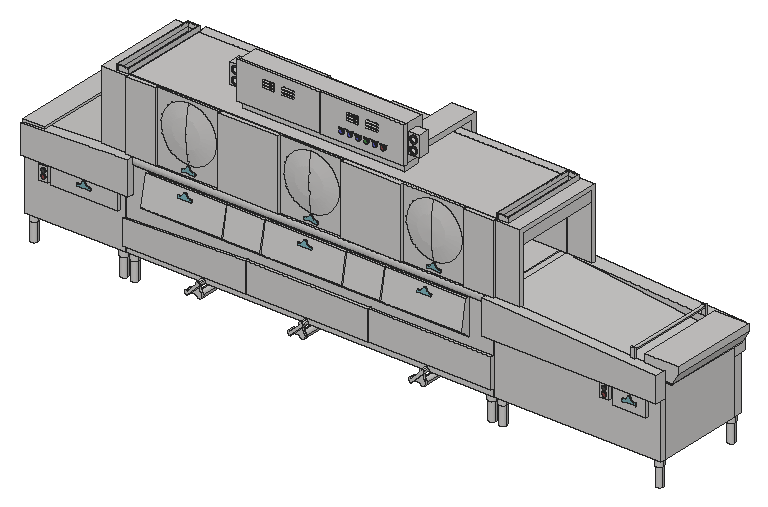
Revit family
Parameters (values of type "480/60/3")
  Weight in Pounds = 0
  Waste Water Discharge Temperature [instance] = -459.67 °F
  Volts = 480 V
  Ventilation Remarks [instance] = ""
  Unload Ventilation Remarks [instance] = ""
  Unload Section Width [instance] = if(Custom Unload Width > 5' 0", Custom Unload Width, 5' 0")  # 5' - 0"
  Unload Removable Cover [instance] = yes
  Unload Exhaust Volume = 1000 CFM
  Unload Exhaust Vent Width = 0' - 4"
  Unload Exhaust Vent Depth = 2' - 7 1/4"
  Unload Exhaust Static Press [instance] = 0.00 in-wg
  Unload Exhaust RI Height [instance] = 0' - 0"
  Unload Exhaust Item Number [instance] = "-"
  Unload End Drain [instance] = no
  URL Cutsheet = ""
  URL = "www.stero.com"
  Swing Doors [instance] = no
  Steam Supply Volume [instance] = 0.00 GPM
  Steam Supply Size = 2"
  Steam Supply RI Height [instance] = 0' - 0"
  Steam Supply Minimum Pressure = 15.00 psi
  Steam Supply Maximum Pressure = 40.00 psi
  Steam Supply Connection Height = 0' - 6"
  Steam Pounds per Hour [instance] = if(Booster Heater, 320, 170)  # 170
  Status [instance] = ""
  Standard Doors [instance] = not(Swing Doors)  # yes
  Specification by User [instance] = ""
  Specification by Manufacturer [instance] = ""
  Serial Number [instance] = ""
  Seismic Rating [instance] = ""
  Revision Code [instance] = ""
  Power Wash Width = 3' - 8"
  Power Wash Door [instance] = if(Swing Doors, 3' 0", 1' 10 1/2")  # 1' - 10 1/2"
  Power Scrapper Width = 3' - 8"
  Power Scrapper Door [instance] = if(Swing Doors, 3' 0", 1' 10 1/2")  # 1' - 10 1/2"
  Power Rinse Door [instance] = if(Swing Doors, 3' 0", 1' 10 1/2")  # 1' - 10 1/2"
  Plumbing Remarks [instance] = ""
  Plumbing Connection Type [instance] = ""
  Phase = 3
  ONOFF Switch [instance] = if([30 inch Load], 0' 0", 0' 6")  # 0' - 6"
  Number of Poles [instance] = 3
  No Booster Heater [instance] = not(Booster Heater)  # yes
  NAFEM Spec ID Number [instance] = ""
  Model = "STPCW-ER 132S"
  Mechanical Remarks [instance] = ""
  Mechanical Connection Type [instance] = ""
  Masterspec [instance] = ""
  Manufacturer = "Stero"
  Load Section Width [instance] = if([30 inch Load], 2' 6 1/8", if([36 inch Load], 3' 0 1/8", if([48 inch Load], 4' 0 1/8", (Custom Load Width + 0' 0 1/8"))))  # 3' - 0 1/8"
  Load End Drain [instance] = not(Unload End Drain)  # yes
  Item Number [instance] = "-"
  Installed By [instance] = ""
  Indirect Waste Size = 2"
  Indirect Waste Flow [instance] = 0.00 GPM
  Indirect Waste Connection Type [instance] = ""
  Indirect Waste Connection Height = 0' - 7"
  Hot Water Temperature = 140 °F
  Hot Water Size = 1"
  Hot Water RI Height [instance] = 0' - 0"
  Hot Water Minimum Pressure = 20.00 psi
  Hot Water Maximum Pressure = 20.00 psi
  Hot Water Flow [instance] = 0.00 GPM
  Hot Water Consumption = 1.63 GPM
  Hot Water Connection Height = 0' - 6"
  HP = "9"
  Furnished By [instance] = ""
  Foodservice Equipment Identifier [instance] = yes
  Final Rinse Width = 3' - 8"
  FL Amps = 17.1 A
  Exhaust Volume = 500 CFM
  Exhaust Vent Width = 0' - 4"
  Exhaust Vent Depth = 2' - 7 1/4"
  Exhaust Static Press [instance] = 0.00 in-wg
  Exhaust RI Height [instance] = 0' - 0"
  Electrical Remarks [instance] = ""
  Electric Connection Type [instance] = ""
  Elec Conn RI Height [instance] = 0' - 0"
  Elec Conn Connection Height = 6' - 6"
  Description = "Flight Type Dishwasher"
  Depth = 3' - 6"
  Cycle = 60 Hz
  Custom Unload Width [instance] = 5' - 0"
  Custom Load Width [instance] = 4' - 6"
  Conn Conduit = yes
  Condensate Return Size = 3/4"
  Condensate Return RI Height [instance] = 0' - 0"
  Condensate Return Connection Height = 0' - 6"
  Cold Water Temperature Recommended [instance] = -459.67 °F
  Cold Water Size [instance] = if(Cold Water Aqua Stat, 0' 0 3/4", 0' 0")  # 0"
  Cold Water RI Height [instance] = 0' - 0"
  Cold Water Minimum Pressure [instance] = 0.00 psi
  Cold Water Maximum Pressure [instance] = 0.00 psi
  Cold Water Flow [instance] = 0.00 GPM
  Cold Water Consumption [instance] = ""
  Cold Water Connection Height [instance] = if(Cold Water Aqua Stat, 0' 6", 0' 0")  # 0' - 0"
  Cold Water Aqua Stat [instance] = no
  CSI MasterFormat = "11 48 13"
  Booster Heater [instance] = no
  Boosted Plumbing Remarks [instance] = ""
  Boosted Hot Water Temperature = 180 °F
  Boosted Hot Water Size = 3/4"
  Boosted Hot Water RI Height [instance] = 0' - 0"
  Boosted Hot Water Minimum Pressure = 20.00 psi
  Boosted Hot Water Maximum Pressure = 20.00 psi
  Boosted Hot Water Flow [instance] = 0.00 GPM
  Boosted Hot Water Consumption = 1.63 GPM
  Boosted Hot Water Connection Height = 0' - 6"
  Boosted HW Item Number [instance] = "-"
  Assembly Code = "E1090320"
  Apparent Power = if(Phase = 3, Volts * FL Amps * 1.73, Volts * FL Amps)  # 14199.8 VA
  48 inch Load [instance] = no
  36 inch Load [instance] = yes
  30 inch Load [instance] = no
Reference planes (in)
  plane 1 "BACK": y = 0
  plane 2: z = 0
  plane 3 "LEFT": x = -21.27862
  plane 4 "RIGHT": x = 110.72138
  plane 5 "FRONT": y = -42
  plane 6 "Right of Power Scrapper": x = 22.72138
  plane 7 "Right of Power Wash": x = 66.72138
  plane 8 "Load Vent": x = -30.27862
  plane 9 "Unload Vent": x = 119.72138
  plane 10 "Top of Machine": z = 65.5
  plane 11 "Table Height": z = 34
  plane 12 "Bottom of Machine": z = 9
  plane 13 "Middle of Machine": z = 40.625
  plane 14 "Left of Bottom": x = -18.77862
  plane 15 "Right of Bottom": x = 108.22138
  plane 16: z = 38.125
  plane 17: z = 37.75
  plane 18: z = 24.5
  plane 19: z = 22.25
  plane 20: z = 11.5
  plane 21 "Back of Main Body": y = -3
  plane 22 "Front of Main Body": y = -39
  plane 23: x = 0.72138
  plane 24: x = 44.72138
  plane 25: x = 88.72138
  plane 26: x = 33.47138
  plane 27: x = 55.97138
  plane 28: x = 77.47138
  plane 29: x = 99.97138
  plane 30 "Front of Inside": y = -37.25
  plane 31 "Back of Inside": y = -6
  plane 32: x = 23.22138
  plane 33: x = 45.72138
  plane 34: x = -13.27862
  plane 35: x = 15.72138
  plane 36: x = 29.72138
  plane 37: x = 58.72138
  plane 38: x = 15.97138
  plane 39: x = 29.47138
  plane 40: x = 58.97138
  plane 41: x = 22.59638
  plane 42: x = 22.84638
  plane 43: x = 66.59638
  plane 44: x = 66.84638
  plane 45: z = 60.25
  plane 46: z = 67.25
  plane 47: x = -21.40362
  plane 48: x = -25.40362
  plane 49: x = 114.84638
  plane 50: x = 110.84638
  plane 51: x = -57.40362
  plane 52: x = -59.90362
  plane 53: x = -58.40362
  plane 54: x = -49.40362
  plane 55: z = 28.5
  plane 56: z = 28
  plane 57: z = 22
  plane 58: x = -47.40362
  plane 59: x = -23.40362
  plane 60: x = -48.40362
  plane 61: x = -51.40362
  plane 62: x = 170.72138
  plane 63: x = 171.72138
  plane 64: x = 173.22138
  plane 65: x = 175.72138
  plane 66: x = 163.72138
  plane 67: x = 159.72138
  plane 68: x = 166.22138
  plane 69: x = 154.22138
  plane 70: x = 152.72138
  plane 71: x = 149.72138
  plane 72: y = -32.5
  plane 73: y = -26.5
  plane 74: x = 15.72138
  plane 75: x = 73.72138
  plane 76: z = 68.5
  plane 77: z = 71.375
  plane 78: z = 78.625
  plane 79: z = 81.5
  plane 80: x = 44.72138
  plane 81: x = 44.59638
  plane 82: x = 44.84638
  plane 83: x = 14.72138
  plane 84: x = 74.72138
  plane 85: x = 78.72138
  plane 86: x = 10.72138
  plane 87 "Back of Elec Box": y = -26
  plane 88: y = -33
  plane 89 "Front of Panel": y = -34
  plane 90: z = 68.25
  plane 91: z = 81.25
  plane 92: x = 14.97138
  plane 93 "Right of Control Box": x = 74.47138
  plane 94 "Front of LR Panels": y = -32.25
  plane 95: y = -28.25
  plane 96 "Drain": z = 7
  plane 97 "Left Drain": x = -39.90362
  plane 98 "Right Drain": x = 163.72138
  plane 99 "Drain CL": y = -20.25
  plane 100 "Utilities": z = 6
  plane 101 "Cold Water": x = -31.27862
  plane 102 "Utility to Machine": y = -16.75
  plane 103 "Utilities Point of Connection": y = -8.5
  plane 104 "Building Hot Water": x = 146.72138
  plane 105: x = 33.72138
  plane 106: x = 44.65888
  plane 107: x = 44.78388
  plane 108: x = 55.72138
  plane 109: x = 46.15888
  plane 110: x = 43.28388
  plane 111: x = 77.72138
  plane 112: x = 88.65888
  plane 113: x = 88.78388
  plane 114: x = 99.72138
  plane 115: x = 90.15888
  plane 116: x = 87.28388
  plane 117 "Standard Door Clearance": z = 93.5
  plane 118: x = 134.72138
  plane 119: x = -10.52862
  plane 120: x = 11.97138
  plane 121: x = -10.27862
  plane 122: x = 0.65888
  plane 123: x = 0.78388
  plane 124: x = 11.72138
  plane 125: x = 2.15888
  plane 126: x = -0.71612
  plane 127: x = 15.97138
  plane 128: x = 72.72138
  plane 129: x = 101.72138
  plane 130: x = 72.47138
  plane 131: x = 140.72138
Forms (in)
  Extrusion 1, solid, material "QF_Finishes_Stainless Steel"
    sketch origin (0, -39, 0) x (1, 0, 0) y (0, 0, 1)
      loop
        line (-21.27862, 9) -> (110.72138, 9) -> (110.72138, 28.5) -> (108.22138, 28.5) -> (108.22138, 38.125) -> (-18.77862, 38.125) -> (-18.77862, 28.5) -> (-21.27862, 28.5) -> (-21.27862, 9)
    from 0 to -36
  Extrusion 2, solid, material "QF_Finishes_Stainless Steel"
    sketch origin (-18.77862, 0, 0) x (0, 1, 0) y (0, 0, 1)
      loop
        line (-3, 40.625) -> (-39, 40.625)
        arc (-39, 40.625) -> (-39.43875, 39.375) -> (-39, 38.125) r 2
        line (-39, 38.125) -> (-3, 38.125) -> (-3, 40.625)
    from 0 to 127
  Extrusion 3, solid, material "QF_Finishes_Stainless Steel"
    sketch origin (0, 0, 65.5) x (0, 1, 0) y (-1, 0, 0)
      loop
        line (-37.25, 21.27862) -> (-39, 21.27862) -> (-39, 10.52862) -> (-37.25, 10.52862) -> (-37.25, 21.27862)
    from 0 to -24.875
  Extrusion 4, solid, material "QF_Finishes_Stainless Steel"
    sketch origin (0, 0, 65.5) x (0, 1, 0) y (-1, 0, 0)
      loop
        line (-37.25, -11.97138) -> (-39, -11.97138) -> (-39, -33.47138) -> (-37.25, -33.47138) -> (-37.25, -11.97138)
    from 0 to -24.875
  Extrusion 5, solid, material "QF_Finishes_Stainless Steel"
    sketch origin (0, 0, 65.5) x (0, 1, 0) y (-1, 0, 0)
      loop
        line (-37.25, -55.97138) -> (-39, -55.97138) -> (-39, -77.47138) -> (-37.25, -77.47138) -> (-37.25, -55.97138)
    from 0 to -24.875
  Extrusion 6, solid, material "QF_Finishes_Stainless Steel"
    sketch origin (0, 0, 65.5) x (0, 1, 0) y (-1, 0, 0)
      loop
        line (-37.25, -99.97138) -> (-39, -99.97138) -> (-39, -110.72138) -> (-37.25, -110.72138) -> (-37.25, -99.97138)
    from 0 to -24.875
  Extrusion 7, solid, material "QF_Finishes_Stainless Steel"
    sketch origin (0, 0, 65.5) x (0, 1, 0) y (-1, 0, 0)
      loop
        line (-3, 21.27862) -> (-6, 21.27862) -> (-6, -23.22138) -> (-3, -23.22138) -> (-3, 21.27862)
    from 0 to -24.875
  Extrusion 8, solid, material "QF_Finishes_Stainless Steel"
    sketch origin (0, 0, 65.5) x (0, 1, 0) y (-1, 0, 0)
      loop
        line (-3, -45.72138) -> (-6, -45.72138) -> (-6, -110.72138) -> (-3, -110.72138) -> (-3, -45.72138)
    from 0 to -24.875
  Extrusion 9, solid, material "QF_Finishes_Stainless Steel"
    sketch origin (0, 0, 65.5) x (0, 1, 0) y (-1, 0, 0)
      loop
        line (-37.25, -33.47138) -> (-38.25, -33.47138) -> (-38.25, -55.97138) -> (-37.25, -55.97138) -> (-37.25, -33.47138)
    from 0 to -24.875
  Extrusion 10, solid, material "QF_Finishes_Stainless Steel"
    sketch origin (0, 0, 65.5) x (0, 1, 0) y (-1, 0, 0)
      loop
        line (-37.25, -77.47138) -> (-38.25, -77.47138) -> (-38.25, -99.97138) -> (-37.25, -99.97138) -> (-37.25, -77.47138)
    from 0 to -24.875
  Extrusion 11, solid, material "QF_Finishes_Stainless Steel"
    sketch origin (0, 0, 65.5) x (0, 1, 0) y (-1, 0, 0)
      loop
        line (-4, -23.22138) -> (-6, -23.22138) -> (-6, -45.72138) -> (-4, -45.72138) -> (-4, -23.22138)
    from 0 to -24.875
  Revolve 12, solid, material "QF_Finishes_Stainless Steel", visible <- "Standard Doors"
    sketch origin (44.72138, 87.64484, 48) x (0, 1, 0) y (0, 0, 1)
      loop
        line (-125.89484, 6.49826) -> (-125.89484, 16.49826)
        arc (-125.89484, 16.49826) -> (-126.65727, 11.52451) -> (-126.89484, 6.49826) r 48
        line (-126.89484, 6.49826) -> (-125.89484, 6.49826)
      axis (-125.89484, 6.49826) -> (-126.89484, 6.49826)
    angle from 0 to 360
  Revolve 13, solid, material "QF_Finishes_Stainless Steel", visible <- "Standard Doors"
    sketch origin (88.72138, 53.39484, 48) x (0, 1, 0) y (0, 0, 1)
      loop
        line (-91.64484, 6.49826) -> (-91.64484, 16.49826)
        arc (-91.64484, 16.49826) -> (-92.40727, 11.52451) -> (-92.64484, 6.49826) r 48
        line (-92.64484, 6.49826) -> (-91.64484, 6.49826)
      axis (-91.64484, 6.49826) -> (-92.64484, 6.49826)
    angle from 0 to 360
  Revolve 14, solid, material "QF_Finishes_Stainless Steel", visible <- "Standard Doors"
    sketch origin (34.47138, -129.89484, 48) x (0, -1, 0) y (0, 0, -1)
      loop
        line (-125.89484, -6.49826) -> (-126.89484, -6.49826)
        arc (-126.89484, -6.49826) -> (-126.65727, -11.52451) -> (-125.89484, -16.49826) r 48
        line (-125.89484, -16.49826) -> (-125.89484, -6.49826)
      axis (-125.89484, -6.49826) -> (-126.89484, -6.49826)
    angle from 0 to 360
  Extrusion 15, solid, material "QF_Finishes_Stainless Steel"
    sketch origin (-18.77862, 0, 0) x (0, 1, 0) y (0, 0, 1)
      loop
        line (-39, 37.75) -> (-40, 37.75) -> (-42, 27.5) -> (-39, 25.1875) -> (-39, 37.75)
    from 5.5 to 34.5
  Extrusion 16, solid, material "QF_Finishes_Stainless Steel"
    sketch origin (10.47138, 0, 0) x (0, 1, 0) y (0, 0, 1)
      loop
        line (-39, 37.75) -> (-40, 37.75) -> (-42, 27.5) -> (-39, 25.1875) -> (-39, 37.75)
    from 5.5 to 19
  Extrusion 17, solid, material "QF_Finishes_Stainless Steel"
    sketch origin (15.22138, 0, 0) x (0, 1, 0) y (0, 0, 1)
      loop
        line (-39, 37.75) -> (-40, 37.75) -> (-42, 27.5) -> (-39, 25.1875) -> (-39, 37.75)
    from 14.5 to 43.5
  Extrusion 18, solid, material "QF_Finishes_Stainless Steel"
    sketch origin (39.47138, 0, 0) x (0, 1, 0) y (0, 0, 1)
      loop
        line (-39, 37.75) -> (-40, 37.75) -> (-42, 27.5) -> (-39, 25.1875) -> (-39, 37.75)
    from 19.5 to 33
  Extrusion 19, solid, material "QF_Finishes_Stainless Steel"
    sketch origin (44.47138, 0, 0) x (0, 1, 0) y (0, 0, 1)
      loop
        line (-39, 37.75) -> (-40, 37.75) -> (-42, 27.5) -> (-39, 25.1875) -> (-39, 37.75)
    from 28.25 to 57.25
  Extrusion 20, solid, material "QF_Finishes_Stainless Steel"
    sketch origin (0, -39, 0) x (1, 0, 0) y (0, 0, 1)
      loop
        line (-21.27862, 11.5) -> (22.59638, 11.5) -> (22.59638, 22.25) -> (-21.27862, 20.375) -> (-21.27862, 11.5)
    from 0 to 1
  Extrusion 21, solid, material "QF_Finishes_Stainless Steel"
    sketch origin (0, -39, 0) x (1, 0, 0) y (0, 0, 1)
      loop
        line (22.84638, 22.25) -> (22.84638, 11.5) -> (66.59638, 11.5) -> (66.59638, 22.25) -> (22.84638, 22.25)
    from 0 to 1
  Extrusion 22, solid, material "QF_Finishes_Stainless Steel"
    sketch origin (0, -39, 0) x (1, 0, 0) y (0, 0, 1)
      loop
        line (66.84638, 22.25) -> (66.84638, 11.5) -> (110.72138, 11.5) -> (110.72138, 22.25) -> (66.84638, 22.25)
    from 0 to 1
  Extrusion 23, solid, material "QF_Finishes_Stainless Steel"
    sketch origin (0, 0, 65.5) x (0, 1, 0) y (-1, 0, 0)
      loop
        line (-6, 21.27862) -> (-37.25, 21.27862) -> (-37.25, -110.72138) -> (-6, -110.72138) -> (-6, 21.27862)
    from 0 to -5.25
  Extrusion 24, solid, material "QF_Finishes_Stainless Steel"
    sketch origin (-21.27862, 0, 0) x (0, 1, 0) y (0, 0, 1)
      loop
        line (-5, 65.5) -> (-38.25, 65.5) -> (-38.25, 40.625) -> (-37.25, 40.625) -> (-37.25, 64.125) -> (-6, 64.125) -> (-6, 40.625) -> (-5, 40.625) -> (-5, 65.5)
    from 0 to -9
  Extrusion 25, solid, material "QF_Finishes_Stainless Steel"
    sketch origin (0, 0, 65.5) x (0, 1, 0) y (-1, 0, 0)
      loop
        line (-6, 25.40362) -> (-37.25, 25.40362) -> (-37.25, 21.40362) -> (-6, 21.40362) -> (-6, 25.40362)
      loop
        line (-5.875, 25.52862) -> (-37.375, 25.52862) -> (-37.375, 21.27862) -> (-5.875, 21.27862) -> (-5.875, 25.52862)
    from 0 to 1.75
  Extrusion 26, solid, material "QF_Finishes_Stainless Steel"
    sketch origin (-30.27862, 0, 0) x (0, 1, 0) y (0, 0, 1)
      loop
        line (-6, 64.125) -> (-37.25, 64.125) -> (-37.25, 60.25) -> (-6, 60.25) -> (-6, 64.125)
    from 0 to 1
  Extrusion 27, void
    sketch origin (0, 0, 65.5) x (0, 1, 0) y (-1, 0, 0)
      loop
        line (-6, 25.40362) -> (-37.25, 25.40362) -> (-37.25, 21.40362) -> (-6, 21.40362) -> (-6, 25.40362)
    from 0 to -1.375
  Extrusion 28, solid, material "QF_Finishes_Stainless Steel"
    sketch origin (110.72138, 0, 0) x (0, 1, 0) y (0, 0, 1)
      loop
        line (-5, 40.625) -> (-5, 65.5) -> (-38.25, 65.5) -> (-38.25, 40.625) -> (-37.25, 40.625) -> (-37.25, 64.125) -> (-6, 64.125) -> (-6, 40.625) -> (-5, 40.625)
    from 0 to 9
  Extrusion 29, solid, material "QF_Finishes_Stainless Steel"
    sketch origin (53.44275, 0, 65.5) x (0, 1, 0) y (-1, 0, 0)
      loop
        line (-6, -61.40362) -> (-6, -57.40362) -> (-37.25, -57.40362) -> (-37.25, -61.40362) -> (-6, -61.40362)
      loop
        line (-5.875, -61.52862) -> (-5.875, -57.27862) -> (-37.375, -57.27862) -> (-37.375, -61.52862) -> (-5.875, -61.52862)
    from 0 to 1.75
  Extrusion 30, solid, material "QF_Finishes_Stainless Steel"
    sketch origin (119.72138, 0, 0) x (0, 1, 0) y (0, 0, 1)
      loop
        line (-6, 64.125) -> (-37.25, 64.125) -> (-37.25, 60.25) -> (-6, 60.25) -> (-6, 64.125)
    from 0 to -1
  Extrusion 31, void
    sketch origin (0, 0, 65.5) x (0, 1, 0) y (-1, 0, 0)
      loop
        line (-37.25, -114.84638) -> (-6, -114.84638) -> (-6, -110.84638) -> (-37.25, -110.84638) -> (-37.25, -114.84638)
    from 0 to -1.375
  Extrusion 32, solid, material "QF_Finishes_Light Blue", visible <- "Standard Doors"
    sketch origin (4.39366, -38.75, 10.99826) x (-1, 0, 0) y (0, 0, 1)
      loop
        line (-39.71645, 30.65632) -> (-38.08461, 30.57309)
        arc (-38.08461, 30.57309) -> (-37.90443, 30.64773) -> (-37.82979, 30.82792) r 0.25483
        line (-37.82979, 30.82792) -> (-37.82979, 31.31285)
        arc (-37.82979, 31.31285) -> (-37.90343, 31.49062) -> (-38.08121, 31.56426) r 0.25142
        arc (-38.08121, 31.56426) -> (-39.22593, 31.7803) -> (-39.90311, 32.72819) r 1.56264
        arc (-39.90311, 32.72819) -> (-40.31726, 33.06213) -> (-40.74741, 32.74907) r 0.43733
        arc (-40.74741, 32.74907) -> (-41.42049, 31.78611) -> (-42.57423, 31.56426) r 1.56264
        arc (-42.57423, 31.56426) -> (-42.75201, 31.49062) -> (-42.82565, 31.31285) r 0.25142
        line (-42.82565, 31.31285) -> (-42.82565, 30.82792)
        arc (-42.82565, 30.82792) -> (-42.75101, 30.64773) -> (-42.57082, 30.57309) r 0.25483
        line (-42.57082, 30.57309) -> (-40.93898, 30.65632)
        arc (-40.93898, 30.65632) -> (-40.32772, 30.6719) -> (-39.71645, 30.65632) r 12
    from 0.5 to 0.4375
  Extrusion 33, solid, material "QF_Finishes_Light Blue"
    sketch origin (45.64366, -47.17361, 4.34597) x (-1, 0, 0) y (0, 0.195946, 0.980615)
      loop
        line (-40.97691, 30.65632) -> (-39.34507, 30.57309)
        arc (-39.34507, 30.57309) -> (-39.16488, 30.64773) -> (-39.09025, 30.82792) r 0.25483
        line (-39.09025, 30.82792) -> (-39.09025, 31.31285)
        arc (-39.09025, 31.31285) -> (-39.16389, 31.49062) -> (-39.34166, 31.56426) r 0.25142
        arc (-39.34166, 31.56426) -> (-40.48639, 31.7803) -> (-41.16357, 32.72819) r 1.56264
        arc (-41.16357, 32.72819) -> (-41.57772, 33.06213) -> (-42.00787, 32.74907) r 0.43733
        arc (-42.00787, 32.74907) -> (-42.68095, 31.78611) -> (-43.83469, 31.56426) r 1.56264
        arc (-43.83469, 31.56426) -> (-44.01247, 31.49062) -> (-44.08611, 31.31285) r 0.25142
        line (-44.08611, 31.31285) -> (-44.08611, 30.82792)
        arc (-44.08611, 30.82792) -> (-44.01147, 30.64773) -> (-43.83128, 30.57309) r 0.25483
        line (-43.83128, 30.57309) -> (-42.19944, 30.65632)
        arc (-42.19944, 30.65632) -> (-41.58818, 30.6719) -> (-40.97691, 30.65632) r 12
      loop
        line (2.0339, 30.65632) -> (3.66574, 30.57309)
        arc (3.66574, 30.57309) -> (3.84592, 30.64773) -> (3.92056, 30.82792) r 0.25483
        line (3.92056, 30.82792) -> (3.92056, 31.31285)
        arc (3.92056, 31.31285) -> (3.84692, 31.49062) -> (3.66915, 31.56426) r 0.25142
        arc (3.66915, 31.56426) -> (2.52442, 31.7803) -> (1.84724, 32.72819) r 1.56264
        arc (1.84724, 32.72819) -> (1.43309, 33.06213) -> (1.00294, 32.74907) r 0.43733
        arc (1.00294, 32.74907) -> (0.32986, 31.78611) -> (-0.82388, 31.56426) r 1.56264
        arc (-0.82388, 31.56426) -> (-1.00166, 31.49062) -> (-1.0753, 31.31285) r 0.25142
        line (-1.0753, 31.31285) -> (-1.0753, 30.82792)
        arc (-1.0753, 30.82792) -> (-1.00066, 30.64773) -> (-0.82047, 30.57309) r 0.25483
        line (-0.82047, 30.57309) -> (0.81137, 30.65632)
        arc (0.81137, 30.65632) -> (1.42263, 30.6719) -> (2.0339, 30.65632) r 12
      loop
        line (45.02309, 30.65632) -> (46.65493, 30.57309)
        arc (46.65493, 30.57309) -> (46.83512, 30.64773) -> (46.90975, 30.82792) r 0.25483
        line (46.90975, 30.82792) -> (46.90975, 31.31285)
        arc (46.90975, 31.31285) -> (46.83611, 31.49062) -> (46.65834, 31.56426) r 0.25142
        arc (46.65834, 31.56426) -> (45.51361, 31.7803) -> (44.83643, 32.72819) r 1.56264
        arc (44.83643, 32.72819) -> (44.42228, 33.06213) -> (43.99213, 32.74907) r 0.43733
        arc (43.99213, 32.74907) -> (43.31905, 31.78611) -> (42.16531, 31.56426) r 1.56264
        arc (42.16531, 31.56426) -> (41.98753, 31.49062) -> (41.91389, 31.31285) r 0.25142
        line (41.91389, 31.31285) -> (41.91389, 30.82792)
        arc (41.91389, 30.82792) -> (41.98853, 30.64773) -> (42.16872, 30.57309) r 0.25483
        line (42.16872, 30.57309) -> (43.80056, 30.65632)
        arc (43.80056, 30.65632) -> (44.41182, 30.6719) -> (45.02309, 30.65632) r 12
    from 0.5 to 0.4375
  Extrusion 34, solid, material "QF_Finishes_Stainless Steel", not visible
    sketch origin (-23.77862, 0, 0) x (0, 1, 0) y (0, 0, 1)
      loop
        line (-39, 37.75) -> (-40, 37.75) -> (-42, 27.5) -> (-39, 25.1875) -> (-39, 37.75)
    from 5.5 to 34.5
  Extrusion 35, solid, material "QF_Finishes_Stainless Steel", not visible
    sketch origin (5.47138, 0, 0) x (0, 1, 0) y (0, 0, 1)
      loop
        line (-39, 37.75) -> (-40, 37.75) -> (-42, 27.5) -> (-39, 25.1875) -> (-39, 37.75)
    from 5.5 to 19
  Extrusion 36, solid, material "QF_Finishes_Stainless Steel", not visible
    sketch origin (10.22138, 0, 0) x (0, 1, 0) y (0, 0, 1)
      loop
        line (-39, 37.75) -> (-40, 37.75) -> (-42, 27.5) -> (-39, 25.1875) -> (-39, 37.75)
    from 14.5 to 43.5
  Extrusion 37, solid, material "QF_Finishes_Stainless Steel", not visible
    sketch origin (34.47138, 0, 0) x (0, 1, 0) y (0, 0, 1)
      loop
        line (-39, 37.75) -> (-40, 37.75) -> (-42, 27.5) -> (-39, 25.1875) -> (-39, 37.75)
    from 19.5 to 33
  Extrusion 38, solid, material "QF_Finishes_Stainless Steel", not visible
    sketch origin (39.47138, 0, 0) x (0, 1, 0) y (0, 0, 1)
      loop
        line (-39, 37.75) -> (-40, 37.75) -> (-42, 27.5) -> (-39, 25.1875) -> (-39, 37.75)
    from 28.25 to 57.25
  Extrusion 39, solid, material "QF_Finishes_Light Blue", not visible
    sketch origin (40.64366, -47.17361, 4.34597) x (-1, 0, 0) y (0, 0.195946, 0.980615)
      loop
        line (-40.97691, 30.65632) -> (-39.34507, 30.57309)
        arc (-39.34507, 30.57309) -> (-39.16488, 30.64773) -> (-39.09025, 30.82792) r 0.25483
        line (-39.09025, 30.82792) -> (-39.09025, 31.31285)
        arc (-39.09025, 31.31285) -> (-39.16389, 31.49062) -> (-39.34166, 31.56426) r 0.25142
        arc (-39.34166, 31.56426) -> (-40.48639, 31.7803) -> (-41.16357, 32.72819) r 1.56264
        arc (-41.16357, 32.72819) -> (-41.57772, 33.06213) -> (-42.00787, 32.74907) r 0.43733
        arc (-42.00787, 32.74907) -> (-42.68095, 31.78611) -> (-43.83469, 31.56426) r 1.56264
        arc (-43.83469, 31.56426) -> (-44.01247, 31.49062) -> (-44.08611, 31.31285) r 0.25142
        line (-44.08611, 31.31285) -> (-44.08611, 30.82792)
        arc (-44.08611, 30.82792) -> (-44.01147, 30.64773) -> (-43.83128, 30.57309) r 0.25483
        line (-43.83128, 30.57309) -> (-42.19944, 30.65632)
        arc (-42.19944, 30.65632) -> (-41.58818, 30.6719) -> (-40.97691, 30.65632) r 12
      loop
        line (2.0339, 30.65632) -> (3.66574, 30.57309)
        arc (3.66574, 30.57309) -> (3.84592, 30.64773) -> (3.92056, 30.82792) r 0.25483
        line (3.92056, 30.82792) -> (3.92056, 31.31285)
        arc (3.92056, 31.31285) -> (3.84692, 31.49062) -> (3.66915, 31.56426) r 0.25142
        arc (3.66915, 31.56426) -> (2.52442, 31.7803) -> (1.84724, 32.72819) r 1.56264
        arc (1.84724, 32.72819) -> (1.43309, 33.06213) -> (1.00294, 32.74907) r 0.43733
        arc (1.00294, 32.74907) -> (0.32986, 31.78611) -> (-0.82388, 31.56426) r 1.56264
        arc (-0.82388, 31.56426) -> (-1.00166, 31.49062) -> (-1.0753, 31.31285) r 0.25142
        line (-1.0753, 31.31285) -> (-1.0753, 30.82792)
        arc (-1.0753, 30.82792) -> (-1.00066, 30.64773) -> (-0.82047, 30.57309) r 0.25483
        line (-0.82047, 30.57309) -> (0.81137, 30.65632)
        arc (0.81137, 30.65632) -> (1.42263, 30.6719) -> (2.0339, 30.65632) r 12
      loop
        line (45.02309, 30.65632) -> (46.65493, 30.57309)
        arc (46.65493, 30.57309) -> (46.83512, 30.64773) -> (46.90975, 30.82792) r 0.25483
        line (46.90975, 30.82792) -> (46.90975, 31.31285)
        arc (46.90975, 31.31285) -> (46.83611, 31.49062) -> (46.65834, 31.56426) r 0.25142
        arc (46.65834, 31.56426) -> (45.51361, 31.7803) -> (44.83643, 32.72819) r 1.56264
        arc (44.83643, 32.72819) -> (44.42228, 33.06213) -> (43.99213, 32.74907) r 0.43733
        arc (43.99213, 32.74907) -> (43.31905, 31.78611) -> (42.16531, 31.56426) r 1.56264
        arc (42.16531, 31.56426) -> (41.98753, 31.49062) -> (41.91389, 31.31285) r 0.25142
        line (41.91389, 31.31285) -> (41.91389, 30.82792)
        arc (41.91389, 30.82792) -> (41.98853, 30.64773) -> (42.16872, 30.57309) r 0.25483
        line (42.16872, 30.57309) -> (43.80056, 30.65632)
        arc (43.80056, 30.65632) -> (44.41182, 30.6719) -> (45.02309, 30.65632) r 12
    from 0.5 to 0.4375
  Extrusion 40, solid, material "QF_Finishes_Stainless Steel"
    sketch origin (0, -37.25, 0) x (1, 0, 0) y (0, 0, 1)
      loop
        line (-57.40362, 28.5) -> (-18.77862, 28.5) -> (-18.77862, 40.625) -> (-57.40362, 38.75) -> (-57.40362, 28.5)
    from 0 to 3.75
  Extrusion 41, solid, material "QF_Finishes_Stainless Steel"
    sketch origin (0, -6, 0) x (1, 0, 0) y (0, 0, 1)
      loop
        line (-57.40362, 28.5) -> (-18.77862, 28.5) -> (-18.77862, 40.625) -> (-57.40362, 38.75) -> (-57.40362, 28.5)
    from 0 to -4.5
  Extrusion 42, solid, material "QF_Finishes_Stainless Steel"
    sketch origin (0, -6, 0) x (1, 0, 0) y (0, 0, 1)
      loop
        line (-57.40362, 34) -> (-59.90362, 34) -> (-59.90362, 33.875) -> (-57.40362, 33.875) -> (-57.40362, 34)
    from 0 to 31.25
  Extrusion 43, solid, material "QF_Finishes_Stainless Steel"
    sketch origin (0, -6, 0) x (1, 0, 0) y (0, 0, 1)
      loop
        line (-57.40362, 33.875) -> (-58.40362, 33.875) -> (-58.40362, 32.5) -> (-57.40362, 32.5) -> (-57.40362, 33.875)
    from 3.5 to 29.25
  Extrusion 44, solid, material "QF_Finishes_Stainless Steel"
    sketch origin (0, -6, 0) x (1, 0, 0) y (0, 0, 1)
      loop
        line (-57.40362, 32) -> (-58.40362, 32) -> (-58.40362, 28) -> (-57.40362, 28) -> (-57.40362, 32)
    from 3.5 to 29.25
  Extrusion 45, solid, material "QF_Finishes_Stainless Steel"
    sketch origin (0, -6, 0) x (1, 0, 0) y (0, 0, 1)
      loop
        line (-18.77862, 40.625) -> (-21.27862, 40.625) -> (-57.40362, 34) -> (-57.40362, 9) -> (-21.27862, 9) -> (-21.27862, 28.5) -> (-18.77862, 28.5) -> (-18.77862, 40.625)
    from 0 to 31.25
  Extrusion 46, solid, material "QF_Finishes_Stainless Steel"
    sketch origin (0, -6, 0) x (1, 0, 0) y (0, 0, 1)
      loop
        line (-57.40362, 38.75) -> (-49.40362, 39.13835) -> (-49.40362, 39.88923) -> (-57.40362, 39.50088) -> (-57.40362, 38.75)
    from -2.625 to 33.875
  Extrusion 47, solid, material "QF_Finishes_Stainless Steel"
    sketch origin (0, -37.25, 0) x (1, 0, 0) y (0, 0, 1)
      loop
        line (-57.40362, 9) -> (-21.27862, 9) -> (-21.27862, 28.5) -> (-57.40362, 28.5) -> (-57.40362, 9)
    from 0 to 1.75
  Extrusion 48, solid, material "QF_Finishes_Stainless Steel"
    sketch origin (0, -6, 0) x (1, 0, 0) y (0, 0, 1)
      loop
        line (-57.40362, 28.5) -> (-57.40362, 9) -> (-21.27862, 9) -> (-21.27862, 28.5) -> (-57.40362, 28.5)
    from 0 to -3
  Extrusion 49, solid, material "QF_Finishes_Stainless Steel"
    sketch origin (0, -37.25, 0) x (1, 0, 0) y (0, 0, 1)
      loop
        line (-47.40362, 28) -> (-47.40362, 22) -> (-23.40362, 22) -> (-23.40362, 28) -> (-47.40362, 28)
    from 1.75 to 2.75
  Extrusion 50, solid, material "QF_Finishes_Light Blue"
    sketch origin (-63.60634, -40.5, -5.56213) x (-1, 0, 0) y (0, 0, 1)
      loop
        line (-27.5911, 30.65632) -> (-25.95926, 30.57309)
        arc (-25.95926, 30.57309) -> (-25.77908, 30.64773) -> (-25.70444, 30.82792) r 0.25483
        line (-25.70444, 30.82792) -> (-25.70444, 31.31285)
        arc (-25.70444, 31.31285) -> (-25.77808, 31.49062) -> (-25.95585, 31.56426) r 0.25142
        arc (-25.95585, 31.56426) -> (-27.10058, 31.7803) -> (-27.77776, 32.72819) r 1.56264
        arc (-27.77776, 32.72819) -> (-28.19191, 33.06213) -> (-28.62206, 32.74907) r 0.43733
        arc (-28.62206, 32.74907) -> (-29.29514, 31.78611) -> (-30.44888, 31.56426) r 1.56264
        arc (-30.44888, 31.56426) -> (-30.62666, 31.49062) -> (-30.7003, 31.31285) r 0.25142
        line (-30.7003, 31.31285) -> (-30.7003, 30.82792)
        arc (-30.7003, 30.82792) -> (-30.62566, 30.64773) -> (-30.44547, 30.57309) r 0.25483
        line (-30.44547, 30.57309) -> (-28.81363, 30.65632)
        arc (-28.81363, 30.65632) -> (-28.20237, 30.6719) -> (-27.5911, 30.65632) r 12
    from 0.5 to 0.4375
  Extrusion 51, solid, material "QF_Finishes_Stainless Steel"
    sketch origin (0, -37.25, 0) x (1, 0, 0) y (0, 0, 1)
      loop
        line (-48.40362, 22.25) -> (-48.40362, 27.25) -> (-51.40362, 27.25) -> (-51.40362, 22.25) -> (-48.40362, 22.25)
    from 1.75 to 2.75
  Extrusion 52, solid, material "QF_Finishes_Black"
    sketch origin (0, -37.25, 0) x (1, 0, 0) y (0, 0, 1)
      loop
        circle (-49.90362, 25.75) r 0.75
    from 2.75 to 2.8125
  Extrusion 53, solid, material "QF_Finishes_LED Red"
    sketch origin (0, -37.25, -2) x (1, 0, 0) y (0, 0, 1)
      loop
        circle (-49.90362, 25.75) r 0.75
    from 2.75 to 2.8125
  Extrusion 54, solid, material "QF_Finishes_Stainless Steel"
    sketch origin (101.31775, -37.25, 0) x (-1, 0, 0) y (0, 0, -1)
      loop
        line (-69.40362, -28.5) -> (-69.40362, -37.5) -> (-6.90362, -40.625) -> (-6.90362, -28.5) -> (-69.40362, -28.5)
    from 0 to 3.75
  Extrusion 55, solid, material "QF_Finishes_Stainless Steel"
    sketch origin (101.31775, -6, 0) x (-1, 0, 0) y (0, 0, -1)
      loop
        line (-69.40362, -28.5) -> (-69.40362, -37.5) -> (-6.90362, -40.625) -> (-6.90362, -28.5) -> (-69.40362, -28.5)
    from 0 to -4.5
  Extrusion 56, solid, material "QF_Finishes_Stainless Steel"
    sketch origin (101.31775, -6, 0) x (-1, 0, 0) y (0, 0, -1)
      loop
        line (-69.40362, -34) -> (-69.40362, -33.875) -> (-71.90362, -33.875) -> (-71.90362, -34) -> (-69.40362, -34)
    from 0 to 31.25
  Extrusion 57, solid, material "QF_Finishes_Stainless Steel"
    sketch origin (101.31775, -6, 0) x (-1, 0, 0) y (0, 0, -1)
      loop
        line (-69.40362, -33.875) -> (-69.40362, -32.5) -> (-70.40362, -32.5) -> (-70.40362, -33.875) -> (-69.40362, -33.875)
    from 3.5 to 29.25
  Extrusion 58, solid, material "QF_Finishes_Stainless Steel"
    sketch origin (101.31775, -6, 0) x (-1, 0, 0) y (0, 0, -1)
      loop
        line (-6.90362, -40.625) -> (-6.90362, -28.5) -> (-9.40362, -28.5) -> (-9.40362, -9) -> (-69.40362, -9) -> (-69.40362, -34) -> (-9.40362, -40.625) -> (-6.90362, -40.625)
    from 0 to 31.25
  Extrusion 59, solid, material "QF_Finishes_Stainless Steel"
    sketch origin (101.31775, -37.25, 0) x (-1, 0, 0) y (0, 0, -1)
      loop
        line (-69.40362, -9) -> (-69.40362, -28.5) -> (-9.40362, -28.5) -> (-9.40362, -9) -> (-69.40362, -9)
    from 0 to 1.75
  Extrusion 60, solid, material "QF_Finishes_Stainless Steel"
    sketch origin (101.31775, -6, 0) x (-1, 0, 0) y (0, 0, -1)
      loop
        line (-69.40362, -28.5) -> (-9.40362, -28.5) -> (-9.40362, -9) -> (-69.40362, -9) -> (-69.40362, -28.5)
    from 0 to -3
  Extrusion 61, solid, material "QF_Finishes_Stainless Steel", visible <- "Unload Removable Cover"
    sketch origin (0, -6, 0) x (1, 0, 0) y (0, 0, 1)
      loop
        line (175.72138, 40.625) -> (163.72138, 40.625) -> (163.72138, 34.5) -> (173.72138, 34.5) -> (175.72138, 38.125) -> (175.72138, 40.625)
    from 0 to 31.25
  Extrusion 62, solid, material "QF_Finishes_Stainless Steel"
    sketch origin (0, -6, 0) x (1, 0, 0) y (0, 0, 1)
      loop
        line (160.47138, 41.5) -> (158.97138, 41.5) -> (158.97138, 38.0875) -> (160.47138, 38.0125) -> (160.47138, 41.5)
    from 0 to -0.5
  Extrusion 63, solid, material "QF_Finishes_Stainless Steel"
    sketch origin (0, -37.25, 0) x (1, 0, 0) y (0, 0, 1)
      loop
        line (158.97138, 41.5) -> (158.97138, 38.0875) -> (160.47138, 38.0125) -> (160.47138, 41.5) -> (158.97138, 41.5)
    from 0 to 0.5
  Extrusion 64, solid, material "QF_Finishes_Stainless Steel"
    sketch origin (0, -6, 0) x (1, 0, 0) y (0, 0, 1)
      loop
        circle (159.72138, 40.75) r 0.5
    from 0 to 31.25
  Extrusion 65, solid, material "QF_Finishes_Stainless Steel"
    sketch origin (0, -37.25, 0) x (1, 0, 0) y (0, 0, 1)
      loop
        line (154.22138, 28) -> (154.22138, 22) -> (166.22138, 22) -> (166.22138, 28) -> (154.22138, 28)
    from 1.75 to 2.75
  Extrusion 66, solid, material "QF_Finishes_Light Blue"
    sketch origin (120.01866, -40.5, -6.06213) x (-1, 0, 0) y (0, 0, 1)
      loop
        line (-39.5911, 30.65632) -> (-37.95926, 30.57309)
        arc (-37.95926, 30.57309) -> (-37.77908, 30.64773) -> (-37.70444, 30.82792) r 0.25483
        line (-37.70444, 30.82792) -> (-37.70444, 31.31285)
        arc (-37.70444, 31.31285) -> (-37.77808, 31.49062) -> (-37.95585, 31.56426) r 0.25142
        arc (-37.95585, 31.56426) -> (-39.10058, 31.7803) -> (-39.77776, 32.72819) r 1.56264
        arc (-39.77776, 32.72819) -> (-40.19191, 33.06213) -> (-40.62206, 32.74907) r 0.43733
        arc (-40.62206, 32.74907) -> (-41.29514, 31.78611) -> (-42.44888, 31.56426) r 1.56264
        arc (-42.44888, 31.56426) -> (-42.62666, 31.49062) -> (-42.7003, 31.31285) r 0.25142
        line (-42.7003, 31.31285) -> (-42.7003, 30.82792)
        arc (-42.7003, 30.82792) -> (-42.62566, 30.64773) -> (-42.44547, 30.57309) r 0.25483
        line (-42.44547, 30.57309) -> (-40.81363, 30.65632)
        arc (-40.81363, 30.65632) -> (-40.20237, 30.6719) -> (-39.5911, 30.65632) r 12
    from 0.5 to 0.4375
  Extrusion 67, solid, material "QF_Finishes_Stainless Steel"
    sketch origin (189.125, -37.25, 0.75) x (1, 0, 0) y (0, 0, 1)
      loop
        line (-36.40362, 22.25) -> (-36.40362, 27.25) -> (-39.40362, 27.25) -> (-39.40362, 22.25) -> (-36.40362, 22.25)
    from 1.75 to 2.75
  Extrusion 68, solid, material "QF_Finishes_Black"
    sketch origin (189.125, -37.25, 0.75) x (1, 0, 0) y (0, 0, 1)
      loop
        circle (-37.90362, 25.75) r 0.75
    from 2.75 to 2.8125
  Extrusion 69, solid, material "QF_Finishes_LED Red"
    sketch origin (189.125, -37.25, -1.25) x (1, 0, 0) y (0, 0, 1)
      loop
        circle (-37.90362, 25.75) r 0.75
    from 2.75 to 2.8125
  Extrusion 70, solid, material "QF_Finishes_Stainless Steel"
    sketch origin (0, 0, 0) x (1, 0, 0) y (0, 1, 0)
      loop
        circle (-55.46612, -4.9375) r 1.1875
    from 0 to 6.75
  Extrusion 71, solid, material "QF_Finishes_Stainless Steel"
    sketch origin (0, 0, 0) x (1, 0, 0) y (0, 1, 0)
      loop
        circle (-55.46612, -4.9375) r 1.4375
    from 6.75 to 9
  Extrusion 72, solid, material "QF_Finishes_Stainless Steel"
    sketch origin (0, -30.25, 0) x (1, 0, 0) y (0, 1, 0)
      loop
        circle (-55.46612, -6.8125) r 1.1875
    from 0 to 6.75
  Extrusion 73, solid, material "QF_Finishes_Stainless Steel"
    sketch origin (0, -30.25, 0) x (1, 0, 0) y (0, 1, 0)
      loop
        circle (-55.46612, -6.8125) r 1.4375
    from 6.75 to 9
  Extrusion 74, solid, material "QF_Finishes_Stainless Steel"
    sketch origin (31.25, 0, 0) x (1, 0, 0) y (0, 1, 0)
      loop
        circle (-54.46612, -4.9375) r 1.1875
    from 0 to 6.75
  Extrusion 75, solid, material "QF_Finishes_Stainless Steel"
    sketch origin (31.25, 0, 0) x (1, 0, 0) y (0, 1, 0)
      loop
        circle (-54.46612, -4.9375) r 1.4375
    from 6.75 to 9
  Extrusion 76, solid, material "QF_Finishes_Stainless Steel"
    sketch origin (31.25, -30.25, 0) x (1, 0, 0) y (0, 1, 0)
      loop
        circle (-54.46612, -6.8125) r 1.1875
    from 0 to 6.75
  Extrusion 77, solid, material "QF_Finishes_Stainless Steel"
    sketch origin (31.25, -30.25, 0) x (1, 0, 0) y (0, 1, 0)
      loop
        circle (-54.46612, -6.8125) r 1.4375
    from 6.75 to 9
  Extrusion 78, solid, material "QF_Finishes_Stainless Steel"
    sketch origin (-73.80725, 0, 0) x (-1, 0, 0) y (0, -1, 0)
      loop
        circle (-54.46612, 4.9375) r 1.1875
    from 0 to 6.75
  Extrusion 79, solid, material "QF_Finishes_Stainless Steel"
    sketch origin (-73.80725, 0, 0) x (-1, 0, 0) y (0, -1, 0)
      loop
        circle (-54.46612, 4.9375) r 1.4375
    from 6.75 to 9
  Extrusion 80, solid, material "QF_Finishes_Stainless Steel"
    sketch origin (-73.80725, -30.25, 0) x (-1, 0, 0) y (0, -1, 0)
      loop
        circle (-54.46612, 6.8125) r 1.1875
    from 0 to 6.75
  Extrusion 81, solid, material "QF_Finishes_Stainless Steel"
    sketch origin (-73.80725, -30.25, 0) x (-1, 0, 0) y (0, -1, 0)
      loop
        circle (-54.46612, 6.8125) r 1.4375
    from 6.75 to 9
  Extrusion 82, solid, material "QF_Finishes_Stainless Steel"
    sketch origin (151.25, 0, 0) x (1, 0, 0) y (0, 1, 0)
      loop
        circle (-42.46612, -4.9375) r 1.1875
    from 0 to 6.75
  Extrusion 83, solid, material "QF_Finishes_Stainless Steel"
    sketch origin (151.25, 0, 0) x (1, 0, 0) y (0, 1, 0)
      loop
        circle (-42.46612, -4.9375) r 1.4375
    from 6.75 to 9
  Extrusion 84, solid, material "QF_Finishes_Stainless Steel"
    sketch origin (151.25, -30.25, 0) x (1, 0, 0) y (0, 1, 0)
      loop
        circle (-42.46612, -6.8125) r 1.1875
    from 0 to 6.75
  Extrusion 85, solid, material "QF_Finishes_Stainless Steel"
    sketch origin (151.25, -30.25, 0) x (1, 0, 0) y (0, 1, 0)
      loop
        circle (-42.46612, -6.8125) r 1.4375
    from 6.75 to 9
  Extrusion 86, solid, material "QF_Finishes_Stainless Steel"
    sketch origin (46.19275, 0, 0) x (-1, 0, 0) y (0, -1, 0)
      loop
        circle (-66.46612, 4.9375) r 1.1875
    from 0 to 6.75
  Extrusion 87, solid, material "QF_Finishes_Stainless Steel"
    sketch origin (46.19275, 0, 0) x (-1, 0, 0) y (0, -1, 0)
      loop
        circle (-66.46612, 4.9375) r 1.4375
    from 6.75 to 9
  Extrusion 88, solid, material "QF_Finishes_Stainless Steel"
    sketch origin (46.19275, -30.25, 0) x (-1, 0, 0) y (0, -1, 0)
      loop
        circle (-66.46612, 6.8125) r 1.1875
    from 0 to 6.75
  Extrusion 89, solid, material "QF_Finishes_Stainless Steel"
    sketch origin (46.19275, -30.25, 0) x (-1, 0, 0) y (0, -1, 0)
      loop
        circle (-66.46612, 6.8125) r 1.4375
    from 6.75 to 9
  Extrusion 90, solid, material "QF_Finishes_Stainless Steel"
    sketch origin (211.25, 0, 0) x (1, 0, 0) y (0, 1, 0)
      loop
        circle (-42.46612, -4.9375) r 1.1875
    from 0 to 6.75
  Extrusion 91, solid, material "QF_Finishes_Stainless Steel"
    sketch origin (211.25, 0, 0) x (1, 0, 0) y (0, 1, 0)
      loop
        circle (-42.46612, -4.9375) r 1.4375
    from 6.75 to 9
  Extrusion 92, solid, material "QF_Finishes_Stainless Steel"
    sketch origin (211.25, -30.25, 0) x (1, 0, 0) y (0, 1, 0)
      loop
        circle (-42.46612, -6.8125) r 1.1875
    from 0 to 6.75
  Extrusion 93, solid, material "QF_Finishes_Stainless Steel"
    sketch origin (211.25, -30.25, 0) x (1, 0, 0) y (0, 1, 0)
      loop
        circle (-42.46612, -6.8125) r 1.4375
    from 6.75 to 9
  Extrusion 94, solid, material "QF_Finishes_Stainless Steel"
    sketch origin (6, 0, 65.5) x (0, 1, 0) y (-1, 0, 0)
      loop
        line (-26.5, -9.72138) -> (-32.5, -9.72138) -> (-32.5, -67.72138) -> (-26.5, -67.72138) -> (-26.5, -9.72138)
    from 0 to 3
  Extrusion 95, solid, material "QF_Finishes_Stainless Steel"
    sketch origin (6, 0, 65.5) x (0, 1, 0) y (-1, 0, 0)
      loop
        line (-26, -8.97138) -> (-33, -8.97138) -> (-33, -68.47138) -> (-26, -68.47138) -> (-26, -8.97138)
    from 3 to 15.75
  Extrusion 96, solid, material "QF_Finishes_Stainless Steel"
    sketch origin (6, 0, 65.5) x (0, 1, 0) y (-1, 0, 0)
      loop
        line (-33, -8.72138) -> (-34, -8.72138) -> (-34, -38.59638) -> (-33, -38.59638) -> (-33, -8.72138)
    from 2.75 to 16
  Extrusion 97, solid, material "QF_Finishes_Stainless Steel"
    sketch origin (6, 0, 65.5) x (0, 1, 0) y (-1, 0, 0)
      loop
        line (-33, -38.84638) -> (-34, -38.84638) -> (-34, -68.72138) -> (-33, -68.72138) -> (-33, -38.84638)
    from 2.75 to 16
  Extrusion 98, solid, material "QF_Finishes_Stainless Steel"
    sketch origin (6, 0, 65.5) x (0, 1, 0) y (-1, 0, 0)
      loop
        line (-28.25, -4.72138) -> (-32.25, -4.72138) -> (-32.25, -8.97138) -> (-28.25, -8.97138) -> (-28.25, -4.72138)
    from 5.875 to 13.125
  Extrusion 99, solid, material "QF_Finishes_Stainless Steel"
    sketch origin (6, 0, 65.5) x (0, 1, 0) y (-1, 0, 0)
      loop
        line (-28.25, -68.47138) -> (-32.25, -68.47138) -> (-32.25, -72.72138) -> (-28.25, -72.72138) -> (-28.25, -68.47138)
    from 5.875 to 13.125
  Extrusion 100, solid, material "QF_Finishes_Black"
    sketch origin (6, -32.25, 0) x (1, 0, 0) y (0, 0, 1)
      loop
        circle (6.84638, 76.75) r 1.25
      loop
        circle (6.84638, 76.75) r 1
    from 0 to 0.25
  Extrusion 101, solid, material "QF_Finishes_White"
    sketch origin (6, -32.25, 0) x (1, 0, 0) y (0, 0, 1)
      loop
        circle (6.84638, 76.75) r 1
    from 0 to 0.0625
  Extrusion 102, solid, material "QF_Finishes_Black"
    sketch origin (39.66291, -34, -18.39967) x (1, 0, 0) y (0, 0, 1)
      loop
        line (19.62096, 91.02467) -> (17.62096, 91.02467) -> (17.62096, 90.77467) -> (19.62096, 90.77467) -> (19.62096, 91.02467)
      loop
        line (16.62096, 91.02467) -> (14.62096, 91.02467) -> (14.62096, 90.77467) -> (16.62096, 90.77467) -> (16.62096, 91.02467)
      loop
        line (20.62096, 91.02467) -> (20.62096, 90.77467) -> (22.62096, 90.77467) -> (22.62096, 91.02467) -> (20.62096, 91.02467)
      loop
        line (23.62096, 91.02467) -> (23.62096, 90.77467) -> (25.62096, 90.77467) -> (25.62096, 91.02467) -> (23.62096, 91.02467)
      loop
        line (13.62096, 91.02467) -> (11.62096, 91.02467) -> (11.62096, 90.77467) -> (13.62096, 90.77467) -> (13.62096, 91.02467)
      loop
        line (26.62096, 91.02467) -> (26.62096, 90.77467) -> (28.62096, 90.77467) -> (28.62096, 91.02467) -> (26.62096, 91.02467)
    from 0 to 0.25
  Extrusion 103, solid, material "QF_Finishes_Navy Blue"
    sketch origin (40.03783, -34, -18.39967) x (1, 0, 0) y (0, 0, 1)
      loop
        circle (15.24605, 89.89967) r 0.625
    from 0.125 to 0.375
  Extrusion 104, solid, material "QF_Finishes_Navy Blue"
    sketch origin (40.03783, -34, -18.39967) x (1, 0, 0) y (0, 0, 1)
      loop
        circle (18.24605, 89.89967) r 0.625
    from 0.125 to 0.375
  Extrusion 105, solid, material "QF_Finishes_LED Green"
    sketch origin (40.03783, -34, -18.39967) x (1, 0, 0) y (0, 0, 1)
      loop
        circle (21.24605, 89.89967) r 0.625
    from 0.125 to 0.375
  Extrusion 106, solid, material "QF_Finishes_Navy Blue"
    sketch origin (40.03783, -34, -18.39967) x (1, 0, 0) y (0, 0, 1)
      loop
        circle (24.24605, 89.89967) r 0.625
    from 0.125 to 0.375
  Extrusion 107, solid, material "QF_Finishes_Black"
    sketch origin (40.03783, -34, -18.39967) x (1, 0, 0) y (0, 0, 1)
      loop
        line (15.99605, 89.89967) -> (15.99605, 90.77467) -> (14.49605, 90.77467) -> (14.49605, 89.89967)
        arc (14.49605, 89.89967) -> (15.24605, 89.14967) -> (15.99605, 89.89967) r 0.75
      loop
        line (18.99605, 89.89967) -> (18.99605, 90.77467) -> (17.49605, 90.77467) -> (17.49605, 89.89967)
        arc (17.49605, 89.89967) -> (18.24605, 89.14967) -> (18.99605, 89.89967) r 0.75
      loop
        line (21.99605, 89.89967) -> (21.99605, 90.77467) -> (20.49605, 90.77467) -> (20.49605, 89.89967)
        arc (20.49605, 89.89967) -> (21.24605, 89.14967) -> (21.99605, 89.89967) r 0.75
      loop
        line (24.99605, 89.89967) -> (24.99605, 90.77467) -> (23.49605, 90.77467) -> (23.49605, 89.89967)
        arc (23.49605, 89.89967) -> (24.24605, 89.14967) -> (24.99605, 89.89967) r 0.75
      loop
        line (12.99605, 89.89967) -> (12.99605, 90.77467) -> (11.49605, 90.77467) -> (11.49605, 89.89967)
        arc (11.49605, 89.89967) -> (12.24605, 89.14967) -> (12.99605, 89.89967) r 0.75
      loop
        line (27.99605, 89.89967) -> (27.99605, 90.77467) -> (26.49605, 90.77467) -> (26.49605, 89.89967)
        arc (26.49605, 89.89967) -> (27.24605, 89.14967) -> (27.99605, 89.89967) r 0.75
    from 0 to 0.125
  Extrusion 108, solid, material "QF_Finishes_Black"
    sketch origin (6, -32.25, -3.5) x (1, 0, 0) y (0, 0, 1)
      loop
        circle (6.84638, 76.75) r 1.25
      loop
        circle (6.84638, 76.75) r 1
    from 0 to 0.25
  Extrusion 109, solid, material "QF_Finishes_White"
    sketch origin (6, -32.25, -3.5) x (1, 0, 0) y (0, 0, 1)
      loop
        circle (6.84638, 76.75) r 1
    from 0 to 0.0625
  Extrusion 110, solid, material "QF_Finishes_Black"
    sketch origin (69.875, -32.25, 0) x (1, 0, 0) y (0, 0, 1)
      loop
        circle (6.84638, 76.75) r 1.25
      loop
        circle (6.84638, 76.75) r 1
    from 0 to 0.25
  Extrusion 111, solid, material "QF_Finishes_White"
    sketch origin (69.875, -32.25, 0) x (1, 0, 0) y (0, 0, 1)
      loop
        circle (6.84638, 76.75) r 1
    from 0 to 0.0625
  Extrusion 112, solid, material "QF_Finishes_Black"
    sketch origin (69.875, -32.25, -3.5) x (1, 0, 0) y (0, 0, 1)
      loop
        circle (6.84638, 76.75) r 1.25
      loop
        circle (6.84638, 76.75) r 1
    from 0 to 0.25
  Extrusion 113, solid, material "QF_Finishes_White"
    sketch origin (69.875, -32.25, -3.5) x (1, 0, 0) y (0, 0, 1)
      loop
        circle (6.84638, 76.75) r 1
    from 0 to 0.0625
  Extrusion 114, solid, material "QF_Finishes_Navy Blue"
    sketch origin (37.03783, -34, -18.39967) x (1, 0, 0) y (0, 0, 1)
      loop
        circle (15.24605, 89.89967) r 0.625
    from 0.125 to 0.375
  Extrusion 115, solid, material "QF_Finishes_LED Red"
    sketch origin (52.03783, -34, -18.39967) x (1, 0, 0) y (0, 0, 1)
      loop
        circle (15.24605, 89.89967) r 0.625
    from 0.125 to 0.375
  Extrusion 116, solid, material "QF_Finishes_Stainless Steel"
    sketch origin (6, -73.14175, 10.44389) x (1, 0, 0) y (0, 0.5, 0.866025)
      loop
        line (48.28388, 77.875) -> (52.28388, 77.875)
        arc (52.28388, 77.875) -> (52.10082, 78.31694) -> (51.65888, 78.5) r 0.625
        line (51.65888, 78.5) -> (48.90888, 78.5)
        arc (48.90888, 78.5) -> (48.46693, 78.31694) -> (48.28388, 77.875) r 0.625
    from 0 to 0.125
  Extrusion 117, solid, material "QF_Finishes_Stainless Steel"
    sketch origin (6, -73.14175, 9.44389) x (1, 0, 0) y (0, 0.5, 0.866025)
      loop
        line (48.28388, 77.875) -> (52.28388, 77.875)
        arc (52.28388, 77.875) -> (52.10082, 78.31694) -> (51.65888, 78.5) r 0.625
        line (51.65888, 78.5) -> (48.90888, 78.5)
        arc (48.90888, 78.5) -> (48.46693, 78.31694) -> (48.28388, 77.875) r 0.625
    from 0 to 0.125
  Extrusion 118, solid, material "QF_Finishes_Stainless Steel"
    sketch origin (6, -73.14175, 8.44389) x (1, 0, 0) y (0, 0.5, 0.866025)
      loop
        line (48.28388, 77.875) -> (52.28388, 77.875)
        arc (52.28388, 77.875) -> (52.10082, 78.31694) -> (51.65888, 78.5) r 0.625
        line (51.65888, 78.5) -> (48.90888, 78.5)
        arc (48.90888, 78.5) -> (48.46693, 78.31694) -> (48.28388, 77.875) r 0.625
    from 0 to 0.125
  Extrusion 119, solid, material "QF_Finishes_Stainless Steel"
    sketch origin (113.56775, -73.14175, 10.44389) x (-1, 0, 0) y (0, -0.5, -0.866025)
      loop
        arc (48.28388, -77.875) -> (48.46693, -78.31694) -> (48.90888, -78.5) r 0.625
        line (48.90888, -78.5) -> (51.65888, -78.5)
        arc (51.65888, -78.5) -> (52.10082, -78.31694) -> (52.28388, -77.875) r 0.625
        line (52.28388, -77.875) -> (48.28388, -77.875)
    from 0 to 0.125
  Extrusion 120, solid, material "QF_Finishes_Stainless Steel"
    sketch origin (113.56775, -73.14175, 9.44389) x (-1, 0, 0) y (0, -0.5, -0.866025)
      loop
        arc (48.28388, -77.875) -> (48.46693, -78.31694) -> (48.90888, -78.5) r 0.625
        line (48.90888, -78.5) -> (51.65888, -78.5)
        arc (51.65888, -78.5) -> (52.10082, -78.31694) -> (52.28388, -77.875) r 0.625
        line (52.28388, -77.875) -> (48.28388, -77.875)
    from 0 to 0.125
  Extrusion 121, solid, material "QF_Finishes_Stainless Steel"
    sketch origin (113.56775, -73.14175, 8.44389) x (-1, 0, 0) y (0, -0.5, -0.866025)
      loop
        arc (48.28388, -77.875) -> (48.46693, -78.31694) -> (48.90888, -78.5) r 0.625
        line (48.90888, -78.5) -> (51.65888, -78.5)
        arc (51.65888, -78.5) -> (52.10082, -78.31694) -> (52.28388, -77.875) r 0.625
        line (52.28388, -77.875) -> (48.28388, -77.875)
    from 0 to 0.125
  Extrusion 122, solid, material "QF_Finishes_Stainless Steel"
    sketch origin (-24.125, -73.14175, 10.44389) x (1, 0, 0) y (0, 0.5, 0.866025)
      loop
        line (48.28388, 77.875) -> (52.28388, 77.875)
        arc (52.28388, 77.875) -> (52.10082, 78.31694) -> (51.65888, 78.5) r 0.625
        line (51.65888, 78.5) -> (48.90888, 78.5)
        arc (48.90888, 78.5) -> (48.46693, 78.31694) -> (48.28388, 77.875) r 0.625
    from 0 to 0.125
  Extrusion 123, solid, material "QF_Finishes_Stainless Steel"
    sketch origin (-24.125, -73.14175, 9.44389) x (1, 0, 0) y (0, 0.5, 0.866025)
      loop
        line (48.28388, 77.875) -> (52.28388, 77.875)
        arc (52.28388, 77.875) -> (52.10082, 78.31694) -> (51.65888, 78.5) r 0.625
        line (51.65888, 78.5) -> (48.90888, 78.5)
        arc (48.90888, 78.5) -> (48.46693, 78.31694) -> (48.28388, 77.875) r 0.625
    from 0 to 0.125
  Extrusion 124, solid, material "QF_Finishes_Stainless Steel"
    sketch origin (-24.125, -73.14175, 8.44389) x (1, 0, 0) y (0, 0.5, 0.866025)
      loop
        line (48.28388, 77.875) -> (52.28388, 77.875)
        arc (52.28388, 77.875) -> (52.10082, 78.31694) -> (51.65888, 78.5) r 0.625
        line (51.65888, 78.5) -> (48.90888, 78.5)
        arc (48.90888, 78.5) -> (48.46693, 78.31694) -> (48.28388, 77.875) r 0.625
    from 0 to 0.125
  Extrusion 125, solid, material "QF_Finishes_Stainless Steel"
    sketch origin (83.44275, -73.14175, 10.44389) x (-1, 0, 0) y (0, -0.5, -0.866025)
      loop
        arc (48.28388, -77.875) -> (48.46693, -78.31694) -> (48.90888, -78.5) r 0.625
        line (48.90888, -78.5) -> (51.65888, -78.5)
        arc (51.65888, -78.5) -> (52.10082, -78.31694) -> (52.28388, -77.875) r 0.625
        line (52.28388, -77.875) -> (48.28388, -77.875)
    from 0 to 0.125
  Extrusion 126, solid, material "QF_Finishes_Stainless Steel"
    sketch origin (83.44275, -73.14175, 9.44389) x (-1, 0, 0) y (0, -0.5, -0.866025)
      loop
        arc (48.28388, -77.875) -> (48.46693, -78.31694) -> (48.90888, -78.5) r 0.625
        line (48.90888, -78.5) -> (51.65888, -78.5)
        arc (51.65888, -78.5) -> (52.10082, -78.31694) -> (52.28388, -77.875) r 0.625
        line (52.28388, -77.875) -> (48.28388, -77.875)
    from 0 to 0.125
  Extrusion 127, solid, material "QF_Finishes_Stainless Steel"
    sketch origin (83.44275, -73.14175, 8.44389) x (-1, 0, 0) y (0, -0.5, -0.866025)
      loop
        arc (48.28388, -77.875) -> (48.46693, -78.31694) -> (48.90888, -78.5) r 0.625
        line (48.90888, -78.5) -> (51.65888, -78.5)
        arc (51.65888, -78.5) -> (52.10082, -78.31694) -> (52.28388, -77.875) r 0.625
        line (52.28388, -77.875) -> (48.28388, -77.875)
    from 0 to 0.125
  Extrusion 128, solid, material "QF_Finishes_Stainless Steel"
    sketch origin (-39.90362, 0, 0) x (0, 1, 0) y (0, 0, 1)
      loop
        circle (-20.25, 7) r 1
      loop
        circle (-20.25, 7) r 1.125
    from 0 to 203.625
  Extrusion 129, solid, material "QF_Finishes_Stainless Steel", visible <- "Unload End Drain"
    sketch origin (-39.90362, 0, 0) x (0, 1, 0) y (0, 0, 1)
      loop
        circle (-20.25, 7) r 1
    from 0 to 0.125
  Extrusion 130, solid, material "QF_Finishes_Stainless Steel", visible <- "Load End Drain"
    sketch origin (163.72138, 0, 0) x (0, 1, 0) y (0, 0, 1)
      loop
        circle (-20.25, 7) r 1
    from 0 to -0.125
  Sweep 131, solid, material "QF_Finishes_Stainless Steel", visible <- "Cold Water Aqua Stat"
    path origin (-31.27862, 0, 0) x (0, 1, 0) y (0, 0, 1)
      loop
        line (-16.75, 9) -> (-16.75, 7.5)
        arc (-16.75, 7.5) -> (-16.31066, 6.43934) -> (-15.25, 6) r 1.5
        line (-15.25, 6) -> (-8.5, 6)
    profile origin (-31.27862, -16.75, 8.25) x (1, 0, 0) y (0, 1, 0)
      loop
        circle (0, 0) r 0.375
      loop
        circle (0, 0) r 0.5
  Sweep 132, solid, material "QF_Finishes_Stainless Steel", visible <- "Cold Water Aqua Stat"
    path origin (146.72138, 0, 0) x (0, 1, 0) y (0, 0, 1)
      loop
        line (-16.75, 9) -> (-16.75, 7.5)
        arc (-16.75, 7.5) -> (-16.31066, 6.43934) -> (-15.25, 6) r 1.5
        line (-15.25, 6) -> (-8.5, 6)
    profile origin (146.72138, -16.75, 8.25) x (1, 0, 0) y (0, 1, 0)
      loop
        circle (0, 0) r 0.5
      loop
        circle (0, 0) r 0.625
  Extrusion 133, void
    sketch origin (6, -26, 0) x (1, 0, 0) y (0, 0, 1)
      loop
        circle (10.72138, 78.5) r 0.5
    from 0 to 0.25
  Extrusion 134, solid, material "QF_Finishes_Stainless Steel"
    sketch origin (0, -20.25, 0) x (1, 0, 0) y (0, 0, 1)
      loop
        circle (7.73519, 7) r 1
      loop
        circle (7.73519, 7) r 1.125
    from 0 to 21.5
